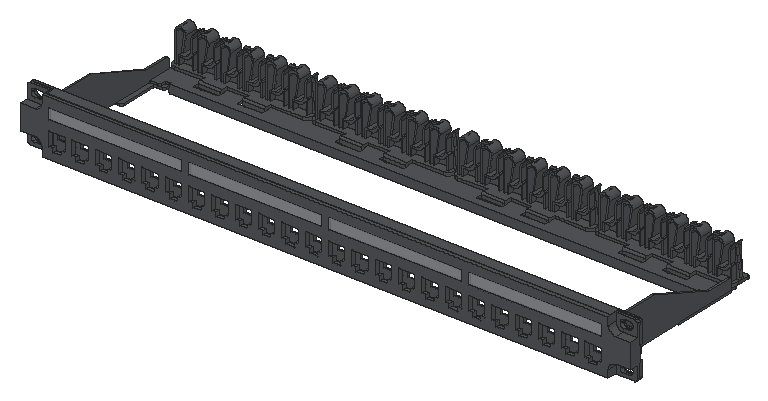
Revit family "Patch panel", category Equipement spécialisé, Revit 2020 (continued)
Dimensions and locks
  locked: plane 96 to plane 95 at 13
  locked: plane 100 to plane 95 at 3.1
  locked: plane 96 to plane 98 at 3.1
  locked: plane 102 to plane 101 at 13
  locked: plane 106 to plane 101 at 3.1
  locked: plane 102 to plane 104 at 3.1
  locked: plane 108 to plane 107 at 13
  locked: plane 112 to plane 107 at 3.1
  locked: plane 108 to plane 110 at 3.1
  locked: plane 114 to plane 113 at 13
  locked: plane 118 to plane 113 at 3.1
  locked: plane 114 to plane 116 at 3.1
  locked: plane 119 to plane 120 at 13
  locked: plane 119 to plane 124 at 3.1
  locked: plane 122 to plane 120 at 3.1
  locked: plane 125 to plane 126 at 13
  locked: plane 125 to plane 130 at 3.1
  locked: plane 128 to plane 126 at 3.1
  locked: plane 131 to plane 132 at 13
  locked: plane 131 to plane 136 at 3.1
  locked: plane 134 to plane 132 at 3.1
  locked: plane 137 to plane 138 at 13
  locked: plane 137 to plane 142 at 3.1
  locked: plane 140 to plane 138 at 3.1
  locked: plane 143 to plane 144 at 13
  locked: plane 143 to plane 148 at 3.1
  locked: plane 146 to plane 144 at 3.1
  locked: plane 149 to plane 150 at 13
  locked: plane 149 to plane 154 at 3.1
  locked: plane 152 to plane 150 at 3.1
  locked: plane 155 to plane 156 at 13
  locked: plane 155 to plane 160 at 3.1
  locked: plane 158 to plane 156 at 3.1
  locked: plane 161 to plane 162 at 13
  locked: plane 161 to plane 166 at 3.1
  locked: plane 164 to plane 162 at 3.1
  locked: plane 167 to plane 168 at 13
  locked: plane 167 to plane 172 at 3.1
  locked: plane 170 to plane 168 at 3.1
  locked: plane 173 to plane 174 at 13
  locked: plane 173 to plane 178 at 3.1
  locked: plane 176 to plane 174 at 3.1
  locked: plane 179 to plane 180 at 13
  locked: plane 179 to plane 184 at 3.1
  locked: plane 182 to plane 180 at 3.1
  locked: plane 185 to plane 186 at 13
  locked: plane 185 to plane 190 at 3.1
  locked: plane 188 to plane 186 at 3.1
  plane 193 to cut or joined group 1 (Extrusion 31, Extrusion 32, Extrusion 33, Extrusion 34, Extrusion 35, Extrusion 36, Extrusion 37, Extrusion 38, Extrusion 39, Extrusion 40, Extrusion 41, Extrusion 42, Extrusion 43, Extrusion 44, Extrusion 45, Extrusion 46, Extrusion 47, Extrusion 48, Extrusion 49, Extrusion 50, Extrusion 51, Extrusion 52, Extrusion 53, Extrusion 54, Extrusion 55, Extrusion 56, Extrusion 57, Extrusion 58, Extrusion 59, Extrusion 60, Extrusion 61, Extrusion 62) = 27.7 mm
  plane 194 to plane 193 = 8.85 mm
  plane 198 to plane 197 = 8.85 mm
  plane 201 to plane 202 = 8.85 mm
  plane 205 to plane 206 = 8.85 mm
  locked: plane 208 to plane 1 "Centre (avant/arrière)" at 21.2
  plane 210 to plane 1 "Centre (avant/arrière)" = 110.8 mm
  plane 209 to level = 8.1 mm
  plane 211 to level = 1.7 mm
  level to plane 207 = 38.7 mm
  plane 212 to level = 17.7 mm
  plane 214 to plane 1 "Centre (avant/arrière)" = 35.2 mm
  plane 210 to plane 213 = 21 mm
  locked: plane 1 "Centre (avant/arrière)" to plane 215 at 59.26
  plane 216 to plane 215 = 32.5 mm
  plane 217 to plane 216 = 26.54 mm
  plane 3 to plane 218 = 6 mm
  plane 218 to plane 219 = 7.925 mm
  plane 223 to plane 226 = 21 mm
  plane 229 to plane 228 = 32.5 mm
  plane 230 to plane 229 = 26.54 mm
  plane 232 to plane 231 = 7.925 mm
  plane 1 "Centre (avant/arrière)" to plane 233 = 91.8 mm
  plane 233 to plane 234 = 26.5 mm
  locked: plane 3 to plane 235 at 1.75
  locked: plane 8 to plane 236 at 1.75
  plane 233 to plane 237 = 5.5 mm
  plane 235 to plane 238 = 8.475 mm
  plane 236 to plane 239 = 8.475 mm
  plane 3 to plane 240 = 14.225 mm
  plane 241 to plane 8 = 14.225 mm
  level to plane 242 = 3.2 mm
  locked: plane 243 to plane 14 at 28.868
  cut or joined group 2 (Extrusion 67, Extrusion 68, Extrusion 69, Extrusion 70, Extrusion 71, Extrusion 72, Extrusion 73, Extrusion 74, Extrusion 75, Extrusion 76, Extrusion 77, Extrusion 78, Extrusion 79, Extrusion 80, Extrusion 81, Extrusion 82, Extrusion 83, Extrusion 84, Extrusion 85, Extrusion 86, Extrusion 87, Extrusion 88, Extrusion 89, Extrusion 90, Extrusion 91, Extrusion 92, Extrusion 93, Extrusion 94, Extrusion 95, Extrusion 96) to plane 245 = 10 mm
  plane 245 to plane 244 = 6 mm
  Extrusion 69 sketch curve to plane 246 = 34.63 mm
  plane 248 to plane 247 = 6 mm
  Extrusion 70 sketch curve to plane 249 = 34.63 mm
  plane 250 to plane 251 = 6 mm
  Extrusion 71 sketch curve to plane 252 = 34.63 mm
  plane 253 to plane 254 = 6 mm
  Extrusion 72 sketch curve to plane 255 = 34.63 mm
  plane 259 to plane 256 = 2 mm
  plane 258 to plane 257 = 3 mm
  plane 257 to cut or joined group 2 = 6 mm
  plane 264 to plane 261 = 2 mm
  plane 263 to plane 262 = 3 mm
  plane 269 to plane 266 = 2 mm
  plane 268 to plane 267 = 3 mm
  plane 274 to plane 271 = 2 mm
  plane 273 to plane 272 = 3 mm
  plane 279 to plane 276 = 2 mm
  plane 278 to plane 277 = 3 mm
  plane 284 to plane 281 = 2 mm
  plane 283 to plane 282 = 3 mm
  plane 289 to plane 286 = 2 mm
  plane 288 to plane 287 = 3 mm
  plane 294 to plane 291 = 2 mm
  plane 293 to plane 292 = 3 mm
  plane 299 to plane 296 = 2 mm
  plane 298 to plane 297 = 3 mm
  plane 304 to plane 301 = 2 mm
  plane 303 to plane 302 = 3 mm
  plane 309 to plane 306 = 2 mm
  plane 308 to plane 307 = 3 mm
  plane 314 to plane 311 = 2 mm
  plane 313 to plane 312 = 3 mm
  plane 319 to plane 316 = 2 mm
  plane 317 to plane 318 = 3 mm
  plane 324 to plane 321 = 2 mm
  plane 322 to plane 323 = 3 mm
  plane 329 to plane 326 = 2 mm
  plane 327 to plane 328 = 3 mm
  plane 334 to plane 331 = 2 mm
  plane 332 to plane 333 = 3 mm
  plane 339 to plane 336 = 2 mm
  plane 337 to plane 338 = 3 mm
  plane 344 to plane 341 = 2 mm
  plane 342 to plane 343 = 3 mm
  plane 349 to plane 346 = 2 mm
  plane 347 to plane 348 = 3 mm
  plane 354 to plane 351 = 2 mm
  plane 352 to plane 353 = 3 mm
  plane 359 to plane 356 = 2 mm
  plane 357 to plane 358 = 3 mm
  plane 364 to plane 361 = 2 mm
  plane 362 to plane 363 = 3 mm
  plane 369 to plane 366 = 2 mm
  plane 367 to plane 368 = 3 mm
  plane 374 to plane 371 = 2 mm
  plane 372 to plane 373 = 3 mm
  locked: plane 3 to plane 378 at 0.4
  plane 378 to plane 379 = 111 mm
  locked: plane 376 to plane 1 "Centre (avant/arrière)" at 112.3
  locked: plane 377 to plane 376 at 16.5
  locked: Extrusion 97 to plane 380 at 28.5
  cut or joined group 2 to Extrusion 98 sketch curve = 2 mm
  Extrusion 98 sketch curve to Extrusion 98 sketch curve = 4 mm
  equal spacing: cut or joined group 2, plane 381, cut or joined group 2
  Extrusion 99 sketch curve to Extrusion 99 sketch curve = 4 mm
  locked: Extrusion 97 to plane 382 at 5
  Extrusion 97 to plane 383 = 5.5 mm
  plane 385 to plane 384 = 1.25 mm
  cut or joined group 3 (Extrusion 97, Extrusion 98, Extrusion 99, Extrusion 100, Extrusion 101, Extrusion 102, Extrusion 103, Extrusion 104, Extrusion 105, Extrusion 106, Extrusion 107, Extrusion 108, Extrusion 109, Extrusion 110, Extrusion 111, Extrusion 117, Extrusion 119, Extrusion 120, Extrusion 121, Extrusion 122, Extrusion 128, Extrusion 131) to plane 389 = 0.5 mm
  plane 390 to cut or joined group 3 = 2.5 mm
  equal spacing: cut or joined group 2, plane 391, cut or joined group 2
  plane 394 to plane 393 = 1.25 mm
  locked: plane 399 to plane 1 "Centre (avant/arrière)" at 125.765
  plane 400 to Extrusion 106 sketch curve = 2.34 mm
  cut or joined group 3 to plane 401 = 23 mm
  plane 402 to plane 400 = 17.5 mm
  cut or joined group 3 to plane 403 = 25 mm
  plane 402 to plane 404 = 1.2 mm
  plane 405 to plane 400 = 5.3 mm
  cut or joined group 3 to plane 406 = 7 mm
  plane 408 to cut or joined group 1 = 3 mm
  plane 409 to plane 405 = 1.2 mm
  plane 402 to plane 411 = 1.2 mm
  plane 413 to Extrusion 107 sketch curve = 2.34 mm
  plane 415 to plane 413 = 17.5 mm
  plane 415 to plane 417 = 1.2 mm
  plane 418 to plane 413 = 5.3 mm
  plane 422 to plane 418 = 1.2 mm
  plane 415 to plane 424 = 1.2 mm
  plane 426 to Extrusion 108 sketch curve = 2.34 mm
  plane 428 to plane 426 = 17.5 mm
  plane 428 to plane 430 = 1.2 mm
  plane 431 to plane 426 = 5.3 mm
  plane 435 to plane 431 = 1.2 mm
  plane 428 to plane 437 = 1.2 mm
  plane 439 to Extrusion 109 sketch curve = 2.34 mm
  plane 441 to plane 439 = 17.5 mm
  plane 441 to plane 443 = 1.2 mm
  plane 444 to plane 439 = 5.3 mm
  plane 448 to plane 444 = 1.2 mm
  plane 441 to plane 450 = 1.2 mm
  plane 452 to Extrusion 110 sketch curve = 2.34 mm
  plane 454 to plane 452 = 17.5 mm
  plane 454 to plane 456 = 1.2 mm
  plane 457 to plane 452 = 5.3 mm
  plane 461 to plane 457 = 1.2 mm
  plane 454 to plane 463 = 1.2 mm
  plane 465 to Extrusion 111 sketch curve = 2.34 mm
  plane 467 to plane 465 = 17.5 mm
  plane 467 to plane 469 = 1.2 mm
  plane 470 to plane 465 = 5.3 mm
  plane 474 to plane 470 = 1.2 mm
  plane 467 to plane 476 = 1.2 mm
  equal spacing: Extrusion 106, plane 478, plane 399
  plane 487 to plane 488 = 111 mm
  locked: plane 486 to plane 485 at 16.5
  Extrusion 124 sketch curve to Extrusion 124 sketch curve = 4 mm
  Extrusion 125 sketch curve to Extrusion 125 sketch curve = 4 mm
  Extrusion 123 to plane 489 = 5.5 mm
  plane 491 to plane 490 = 1.25 mm
  plane 499 to plane 498 = 1.25 mm
  plane 504 to Extrusion 132 sketch curve = 2.34 mm
  plane 506 to plane 504 = 17.5 mm
  plane 506 to plane 508 = 1.2 mm
  plane 509 to plane 504 = 5.3 mm
  plane 513 to plane 509 = 1.2 mm
  plane 506 to plane 515 = 1.2 mm
  plane 517 to Extrusion 133 sketch curve = 2.34 mm
  plane 519 to plane 517 = 17.5 mm
  plane 519 to plane 521 = 1.2 mm
  plane 522 to plane 517 = 5.3 mm
  plane 526 to plane 522 = 1.2 mm
  plane 519 to plane 528 = 1.2 mm
  plane 530 to Extrusion 134 sketch curve = 2.34 mm
  plane 532 to plane 530 = 17.5 mm
  plane 532 to plane 534 = 1.2 mm
  plane 535 to plane 530 = 5.3 mm
  plane 539 to plane 535 = 1.2 mm
  plane 532 to plane 541 = 1.2 mm
  plane 543 to Extrusion 135 sketch curve = 2.34 mm
  plane 545 to plane 543 = 17.5 mm
  plane 545 to plane 547 = 1.2 mm
  plane 548 to plane 543 = 5.3 mm
  plane 552 to plane 548 = 1.2 mm
  plane 545 to plane 554 = 1.2 mm
  plane 556 to Extrusion 136 sketch curve = 2.34 mm
  plane 558 to plane 556 = 17.5 mm
  plane 558 to plane 560 = 1.2 mm
  plane 561 to plane 556 = 5.3 mm
  plane 565 to plane 561 = 1.2 mm
  plane 558 to plane 567 = 1.2 mm
  plane 569 to Extrusion 137 sketch curve = 2.34 mm
  plane 571 to plane 569 = 17.5 mm
  plane 571 to plane 573 = 1.2 mm
  plane 574 to plane 569 = 5.3 mm
  plane 578 to plane 574 = 1.2 mm
  plane 571 to plane 580 = 1.2 mm
  plane 590 to plane 591 = 111 mm
  locked: plane 589 to plane 588 at 16.5
  Extrusion 150 sketch curve to Extrusion 150 sketch curve = 4 mm
  Extrusion 151 sketch curve to Extrusion 151 sketch curve = 4 mm
  Extrusion 149 to plane 592 = 5.5 mm
  plane 594 to plane 593 = 1.25 mm
  plane 602 to plane 601 = 1.25 mm
  plane 607 to Extrusion 158 sketch curve = 2.34 mm
  plane 609 to plane 607 = 17.5 mm
  plane 609 to plane 611 = 1.2 mm
  plane 612 to plane 607 = 5.3 mm
  plane 616 to plane 612 = 1.2 mm
  plane 609 to plane 618 = 1.2 mm
  plane 620 to Extrusion 159 sketch curve = 2.34 mm
  plane 622 to plane 620 = 17.5 mm
  plane 622 to plane 624 = 1.2 mm
  plane 625 to plane 620 = 5.3 mm
  plane 629 to plane 625 = 1.2 mm
  plane 622 to plane 631 = 1.2 mm
  plane 633 to Extrusion 160 sketch curve = 2.34 mm
  plane 635 to plane 633 = 17.5 mm
  plane 635 to plane 637 = 1.2 mm
  plane 638 to plane 633 = 5.3 mm
  plane 642 to plane 638 = 1.2 mm
  plane 635 to plane 644 = 1.2 mm
  plane 646 to Extrusion 161 sketch curve = 2.34 mm
  plane 648 to plane 646 = 17.5 mm
  plane 648 to plane 650 = 1.2 mm
  plane 651 to plane 646 = 5.3 mm
  plane 655 to plane 651 = 1.2 mm
  plane 648 to plane 657 = 1.2 mm
  plane 659 to Extrusion 162 sketch curve = 2.34 mm
  plane 661 to plane 659 = 17.5 mm
  plane 661 to plane 663 = 1.2 mm
  plane 664 to plane 659 = 5.3 mm
  plane 668 to plane 664 = 1.2 mm
  plane 661 to plane 670 = 1.2 mm
  plane 672 to Extrusion 163 sketch curve = 2.34 mm
  plane 674 to plane 672 = 17.5 mm
  plane 674 to plane 676 = 1.2 mm
  plane 677 to plane 672 = 5.3 mm
  plane 681 to plane 677 = 1.2 mm
  plane 674 to plane 683 = 1.2 mm
  plane 692 to plane 693 = 111 mm
  locked: plane 691 to plane 690 at 16.5
  Extrusion 176 sketch curve to Extrusion 176 sketch curve = 4 mm
  Extrusion 177 sketch curve to Extrusion 177 sketch curve = 4 mm
  Extrusion 175 to plane 694 = 5.5 mm
  plane 696 to plane 695 = 1.25 mm
  plane 704 to plane 703 = 1.25 mm
  plane 709 to Extrusion 184 sketch curve = 2.34 mm
  plane 711 to plane 709 = 17.5 mm
  plane 711 to plane 713 = 1.2 mm
  plane 714 to plane 709 = 5.3 mm
  plane 718 to plane 714 = 1.2 mm
  plane 711 to plane 720 = 1.2 mm
  plane 722 to Extrusion 185 sketch curve = 2.34 mm
  plane 724 to plane 722 = 17.5 mm
  plane 724 to plane 726 = 1.2 mm
  plane 727 to plane 722 = 5.3 mm
  plane 731 to plane 727 = 1.2 mm
  plane 724 to plane 733 = 1.2 mm
  plane 735 to Extrusion 186 sketch curve = 2.34 mm
  plane 737 to plane 735 = 17.5 mm
  plane 737 to plane 739 = 1.2 mm
  plane 740 to plane 735 = 5.3 mm
  plane 744 to plane 740 = 1.2 mm
  plane 737 to plane 746 = 1.2 mm
  plane 748 to Extrusion 187 sketch curve = 2.34 mm
  plane 750 to plane 748 = 17.5 mm
  plane 750 to plane 752 = 1.2 mm
  plane 753 to plane 748 = 5.3 mm
  plane 757 to plane 753 = 1.2 mm
  plane 750 to plane 759 = 1.2 mm
  plane 761 to Extrusion 188 sketch curve = 2.34 mm
  plane 763 to plane 761 = 17.5 mm
  plane 763 to plane 765 = 1.2 mm
  plane 766 to plane 761 = 5.3 mm
  plane 770 to plane 766 = 1.2 mm
  plane 763 to plane 772 = 1.2 mm
  plane 774 to Extrusion 189 sketch curve = 2.34 mm
  plane 776 to plane 774 = 17.5 mm
  plane 776 to plane 778 = 1.2 mm
  plane 779 to plane 774 = 5.3 mm
  plane 783 to plane 779 = 1.2 mm
  plane 776 to plane 785 = 1.2 mm
  radius of Extrusion 1 sketch curve = 2.5 mm  (x2)
  radius of Extrusion 32 sketch curve = 6 mm  (x2)
  radius of Extrusion 33 sketch curve = 6 mm  (x2)
  aligned and locked: level to plane 2
  aligned and locked: Extrusion 1 sketch curve to plane 5
  aligned and locked: plane 2 to Extrusion 1 sketch curve
  aligned and locked: Extrusion 1 sketch curve to plane 4
  aligned and locked: plane 6 to Extrusion 1
  aligned and locked: plane 7 to Extrusion 1
  aligned and locked: plane 12 to Extrusion 2 sketch curve
  aligned and locked: Extrusion 2 sketch curve to plane 13
  aligned and locked: Extrusion 2 sketch curve to plane 11
  aligned and locked: Extrusion 2 sketch curve to plane 7
  aligned and locked: plane 6 to Extrusion 2
  aligned and locked: Extrusion 2 sketch curve to plane 18
  aligned and locked: Extrusion 2 sketch curve to plane 15
  aligned and locked: plane 17 to Extrusion 2 sketch curve
  aligned and locked: plane 16 to Extrusion 2 sketch curve
  aligned and locked: Extrusion 2 sketch curve to plane 20
  aligned and locked: plane 15 to Extrusion 2 sketch curve
  aligned and locked: plane 19 to Extrusion 2 sketch curve
  aligned and locked: Extrusion 2 sketch curve to plane 16
  aligned and locked: Extrusion 3 sketch curve to plane 21
  aligned and locked: Extrusion 3 sketch curve to plane 23
  aligned and locked: Extrusion 3 sketch curve to plane 22
  aligned and locked: plane 23 to Extrusion 3 sketch curve
  aligned and locked: plane 8 to Extrusion 3
  aligned and locked: Extrusion 4 sketch curve to plane 26
  aligned and locked: Extrusion 4 sketch curve to plane 25
  aligned and locked: Extrusion 4 sketch curve to plane 24
  aligned and locked: plane 28 to Extrusion 4
  aligned and locked: plane 32 to Extrusion 5 sketch curve
  aligned and locked: plane 29 to Extrusion 5 sketch curve
  aligned and locked: Extrusion 5 sketch curve to plane 31
  aligned and locked: Extrusion 5 sketch curve to plane 30
  aligned and locked: plane 34 to Extrusion 5 sketch curve
  aligned and locked: Extrusion 5 sketch curve to plane 29
  aligned and locked: Extrusion 5 sketch curve to plane 33
  aligned and locked: plane 30 to Extrusion 5 sketch curve
  aligned and locked: plane 37 to Extrusion 6 sketch curve
  aligned and locked: Extrusion 6 sketch curve to plane 36
  aligned and locked: Extrusion 6 sketch curve to plane 35
  aligned and locked: Extrusion 7 to plane 6
  aligned and locked: plane 45 to Extrusion 31 sketch curve  (x2)
  aligned and locked: Extrusion 31 sketch curve to plane 7
  aligned and locked: plane 5 to Extrusion 31
  aligned and locked: plane 46 to Extrusion 32
  aligned and locked: Extrusion 34 sketch curve to cut or joined group 1
  aligned and locked: cut or joined group 1 to Extrusion 34 sketch curve
  aligned and locked: plane 6 to Extrusion 34
  aligned and locked: Extrusion 35 sketch curve to plane 49
  aligned and locked: Extrusion 35 sketch curve to plane 47
  aligned and locked: plane 52 to Extrusion 35 sketch curve
  aligned and locked: plane 51 to Extrusion 35 sketch curve
  aligned and locked: plane 50 to Extrusion 35 sketch curve
  aligned and locked: Extrusion 35 sketch curve to plane 48
  aligned and locked: Extrusion 35 to cut or joined group 4 (Extrusion 1, Extrusion 2, Extrusion 3, Extrusion 4, Extrusion 5, Extrusion 6, Extrusion 7, Extrusion 8, Extrusion 9, Extrusion 10, Extrusion 11, Extrusion 12, Extrusion 13, Extrusion 14, Extrusion 15, Extrusion 16, Extrusion 17, Extrusion 18, Extrusion 19, Extrusion 20, Extrusion 21, Extrusion 22, Extrusion 23, Extrusion 24, Extrusion 25, Extrusion 26, Extrusion 27, Extrusion 28, Extrusion 29, Extrusion 30, Extrusion 32)
  aligned and locked: Extrusion 36 sketch curve to plane 55
  aligned and locked: Extrusion 36 sketch curve to plane 53
  aligned and locked: plane 58 to Extrusion 36 sketch curve
  aligned and locked: plane 57 to Extrusion 36 sketch curve
  aligned and locked: plane 56 to Extrusion 36 sketch curve
  aligned and locked: Extrusion 36 sketch curve to plane 54
  aligned and locked: Extrusion 37 sketch curve to plane 61
  aligned and locked: Extrusion 37 sketch curve to plane 59
  aligned and locked: plane 64 to Extrusion 37 sketch curve
  aligned and locked: plane 63 to Extrusion 37 sketch curve
  aligned and locked: plane 62 to Extrusion 37 sketch curve
  aligned and locked: Extrusion 37 sketch curve to plane 60
  aligned and locked: Extrusion 38 sketch curve to plane 67
  aligned and locked: Extrusion 38 sketch curve to plane 65
  aligned and locked: plane 70 to Extrusion 38 sketch curve
  aligned and locked: plane 69 to Extrusion 38 sketch curve
  aligned and locked: plane 68 to Extrusion 38 sketch curve
  aligned and locked: Extrusion 38 sketch curve to plane 66
  aligned and locked: Extrusion 39 sketch curve to plane 73
  aligned and locked: Extrusion 39 sketch curve to plane 71
  aligned and locked: plane 76 to Extrusion 39 sketch curve
  aligned and locked: plane 75 to Extrusion 39 sketch curve
  aligned and locked: plane 74 to Extrusion 39 sketch curve
  aligned and locked: Extrusion 39 sketch curve to plane 72
  aligned and locked: Extrusion 40 sketch curve to plane 79
  aligned and locked: Extrusion 40 sketch curve to plane 77
  aligned and locked: plane 82 to Extrusion 40 sketch curve
  aligned and locked: plane 81 to Extrusion 40 sketch curve
  aligned and locked: plane 80 to Extrusion 40 sketch curve
  aligned and locked: Extrusion 40 sketch curve to plane 78
  aligned and locked: Extrusion 41 sketch curve to plane 85
  aligned and locked: Extrusion 41 sketch curve to plane 83
  aligned and locked: plane 88 to Extrusion 41 sketch curve
  aligned and locked: plane 87 to Extrusion 41 sketch curve
  aligned and locked: plane 86 to Extrusion 41 sketch curve
  aligned and locked: Extrusion 41 sketch curve to plane 84
  aligned and locked: Extrusion 42 sketch curve to plane 91
  aligned and locked: Extrusion 42 sketch curve to plane 89
  aligned and locked: plane 94 to Extrusion 42 sketch curve
  aligned and locked: plane 93 to Extrusion 42 sketch curve
  aligned and locked: plane 92 to Extrusion 42 sketch curve
  aligned and locked: Extrusion 42 sketch curve to plane 90
  aligned and locked: Extrusion 43 sketch curve to plane 97
  aligned and locked: Extrusion 43 sketch curve to plane 95
  aligned and locked: plane 100 to Extrusion 43 sketch curve
  aligned and locked: plane 99 to Extrusion 43 sketch curve
  aligned and locked: plane 98 to Extrusion 43 sketch curve
  aligned and locked: Extrusion 43 sketch curve to plane 96
  aligned and locked: Extrusion 44 sketch curve to plane 103
  aligned and locked: Extrusion 44 sketch curve to plane 101
  aligned and locked: plane 106 to Extrusion 44 sketch curve
  aligned and locked: plane 105 to Extrusion 44 sketch curve
  aligned and locked: plane 104 to Extrusion 44 sketch curve
  aligned and locked: Extrusion 44 sketch curve to plane 102
  aligned and locked: Extrusion 45 sketch curve to plane 109
  aligned and locked: Extrusion 45 sketch curve to plane 107
  aligned and locked: plane 112 to Extrusion 45 sketch curve
  aligned and locked: plane 111 to Extrusion 45 sketch curve
  aligned and locked: plane 110 to Extrusion 45 sketch curve
  aligned and locked: Extrusion 45 sketch curve to plane 108
  aligned and locked: Extrusion 46 sketch curve to plane 115
  aligned and locked: Extrusion 46 sketch curve to plane 113
  aligned and locked: plane 118 to Extrusion 46 sketch curve
  aligned and locked: plane 117 to Extrusion 46 sketch curve
  aligned and locked: plane 116 to Extrusion 46 sketch curve
  aligned and locked: Extrusion 46 sketch curve to plane 114
  aligned and locked: Extrusion 47 sketch curve to plane 121
  aligned and locked: plane 119 to Extrusion 47 sketch curve
  aligned and locked: Extrusion 47 sketch curve to plane 124
  aligned and locked: plane 123 to Extrusion 47 sketch curve
  aligned and locked: Extrusion 47 sketch curve to plane 122
  aligned and locked: plane 120 to Extrusion 47 sketch curve
  aligned and locked: Extrusion 48 sketch curve to plane 127
  aligned and locked: plane 125 to Extrusion 48 sketch curve
  aligned and locked: Extrusion 48 sketch curve to plane 130
  aligned and locked: plane 129 to Extrusion 48 sketch curve
  aligned and locked: Extrusion 48 sketch curve to plane 128
  aligned and locked: plane 126 to Extrusion 48 sketch curve
  aligned and locked: Extrusion 49 sketch curve to plane 133
  aligned and locked: plane 131 to Extrusion 49 sketch curve
  aligned and locked: Extrusion 49 sketch curve to plane 136
  aligned and locked: plane 135 to Extrusion 49 sketch curve
  aligned and locked: Extrusion 49 sketch curve to plane 134
  aligned and locked: plane 132 to Extrusion 49 sketch curve
  aligned and locked: Extrusion 50 sketch curve to plane 139
  aligned and locked: plane 137 to Extrusion 50 sketch curve
  aligned and locked: Extrusion 50 sketch curve to plane 142
  aligned and locked: plane 141 to Extrusion 50 sketch curve
  aligned and locked: Extrusion 50 sketch curve to plane 140
  aligned and locked: plane 138 to Extrusion 50 sketch curve
  aligned and locked: Extrusion 51 sketch curve to plane 145
  aligned and locked: plane 143 to Extrusion 51 sketch curve
  aligned and locked: Extrusion 51 sketch curve to plane 148
  aligned and locked: plane 147 to Extrusion 51 sketch curve
  aligned and locked: Extrusion 51 sketch curve to plane 146
  aligned and locked: plane 144 to Extrusion 51 sketch curve
  aligned and locked: Extrusion 52 sketch curve to plane 151
  aligned and locked: plane 149 to Extrusion 52 sketch curve
  aligned and locked: Extrusion 52 sketch curve to plane 154
  aligned and locked: plane 153 to Extrusion 52 sketch curve
  aligned and locked: Extrusion 52 sketch curve to plane 152
  aligned and locked: plane 150 to Extrusion 52 sketch curve
  aligned and locked: Extrusion 53 sketch curve to plane 157
  aligned and locked: plane 155 to Extrusion 53 sketch curve
  aligned and locked: Extrusion 53 sketch curve to plane 160
  aligned and locked: plane 159 to Extrusion 53 sketch curve
  aligned and locked: Extrusion 53 sketch curve to plane 158
  aligned and locked: plane 156 to Extrusion 53 sketch curve
  aligned and locked: Extrusion 54 sketch curve to plane 163
  aligned and locked: plane 161 to Extrusion 54 sketch curve
  aligned and locked: Extrusion 54 sketch curve to plane 166
  aligned and locked: plane 165 to Extrusion 54 sketch curve
  aligned and locked: Extrusion 54 sketch curve to plane 164
  aligned and locked: plane 162 to Extrusion 54 sketch curve
  aligned and locked: Extrusion 55 sketch curve to plane 169
  aligned and locked: plane 167 to Extrusion 55 sketch curve
  aligned and locked: Extrusion 55 sketch curve to plane 172
  aligned and locked: plane 171 to Extrusion 55 sketch curve
  aligned and locked: Extrusion 55 sketch curve to plane 170
  aligned and locked: plane 168 to Extrusion 55 sketch curve
  aligned and locked: Extrusion 56 sketch curve to plane 175
  aligned and locked: plane 173 to Extrusion 56 sketch curve
  aligned and locked: Extrusion 56 sketch curve to plane 178
  aligned and locked: plane 177 to Extrusion 56 sketch curve
  aligned and locked: Extrusion 56 sketch curve to plane 176
  aligned and locked: plane 174 to Extrusion 56 sketch curve
  aligned and locked: Extrusion 57 sketch curve to plane 181
  aligned and locked: plane 179 to Extrusion 57 sketch curve
  aligned and locked: Extrusion 57 sketch curve to plane 184
  aligned and locked: plane 183 to Extrusion 57 sketch curve
  aligned and locked: Extrusion 57 sketch curve to plane 182
  aligned and locked: plane 180 to Extrusion 57 sketch curve
  aligned and locked: Extrusion 58 sketch curve to plane 187
  aligned and locked: plane 185 to Extrusion 58 sketch curve
  aligned and locked: Extrusion 58 sketch curve to plane 190
  aligned and locked: plane 189 to Extrusion 58 sketch curve
  aligned and locked: Extrusion 58 sketch curve to plane 188
  aligned and locked: plane 186 to Extrusion 58 sketch curve
  aligned and locked: plane 191 to cut or joined group 1
  aligned and locked: plane 192 to cut or joined group 1
  aligned and locked: plane 193 to Extrusion 59 sketch curve
  aligned and locked: Extrusion 59 sketch curve to plane 192
  aligned and locked: Extrusion 59 sketch curve to plane 194
  aligned and locked: plane 191 to Extrusion 59 sketch curve
  aligned and locked: plane 197 to Extrusion 60 sketch curve
  aligned and locked: Extrusion 60 sketch curve to plane 196
  aligned and locked: Extrusion 60 sketch curve to plane 198
  aligned and locked: plane 195 to Extrusion 60 sketch curve
  aligned and locked: Extrusion 61 sketch curve to plane 201
  aligned and locked: Extrusion 61 sketch curve to plane 200
  aligned and locked: plane 202 to Extrusion 61 sketch curve
  aligned and locked: plane 199 to Extrusion 61 sketch curve
  aligned and locked: Extrusion 62 sketch curve to plane 205
  aligned and locked: Extrusion 62 sketch curve to plane 204
  aligned and locked: plane 206 to Extrusion 62 sketch curve
  aligned and locked: plane 203 to Extrusion 62 sketch curve
  aligned and locked: plane 211 to Extrusion 63 sketch curve
  aligned and locked: Extrusion 63 sketch curve to plane 208
  aligned and locked: Extrusion 63 sketch curve to plane 209
  aligned and locked: Extrusion 63 sketch curve to plane 210
  aligned and locked: plane 213 to Extrusion 63 sketch curve
  aligned and locked: Extrusion 63 sketch curve to plane 212
  aligned and locked: Extrusion 63 sketch curve to cut or joined group 4
  aligned and locked: Extrusion 63 sketch curve to plane 207
  aligned and locked: plane 9 to Extrusion 63
  aligned and locked: plane 215 to Extrusion 64 sketch curve
  aligned and locked: plane 3 to Extrusion 64 sketch curve
  aligned and locked: Extrusion 64 sketch curve to Extrusion 63
  aligned and locked: Extrusion 63 to Extrusion 64 sketch curve
  aligned and locked: Extrusion 64 sketch curve to plane 217
  aligned and locked: plane 219 to Extrusion 64 sketch curve
  aligned and locked: plane 216 to Extrusion 64 sketch curve
  aligned and locked: plane 218 to Extrusion 64 sketch curve
  aligned and locked: Extrusion 65 sketch curve to plane 224
  aligned and locked: Extrusion 65 sketch curve to plane 221
  aligned and locked: plane 222 to Extrusion 65 sketch curve
  aligned and locked: Extrusion 65 sketch curve to plane 223
  aligned and locked: plane 226 to Extrusion 65 sketch curve
  aligned and locked: plane 225 to Extrusion 65 sketch curve
  aligned and locked: plane 220 to Extrusion 65 sketch curve
  aligned and locked: plane 228 to Extrusion 66 sketch curve
  aligned and locked: Extrusion 66 sketch curve to Extrusion 65
  aligned and locked: Extrusion 65 to Extrusion 66 sketch curve
  aligned and locked: Extrusion 66 sketch curve to plane 230
  aligned and locked: Extrusion 66 sketch curve to plane 232
  aligned and locked: plane 229 to Extrusion 66 sketch curve
  aligned and locked: Extrusion 66 sketch curve to plane 231
  aligned and locked: plane 9 to Extrusion 67 sketch curve
  aligned and locked: Extrusion 67 sketch curve to plane 234
  aligned and locked: Extrusion 67 sketch curve to plane 233  (x2)
  aligned and locked: Extrusion 67 sketch curve to plane 239
  aligned and locked: plane 238 to Extrusion 67 sketch curve
  aligned and locked: plane 242 to Extrusion 68 sketch curve
  aligned and locked: Extrusion 68 sketch curve to plane 241
  aligned and locked: Extrusion 68 sketch curve to Extrusion 67
  aligned and locked: Extrusion 68 sketch curve to plane 240
  aligned and locked: plane 244 to Extrusion 69 sketch curve
  aligned and locked: Extrusion 69 sketch curve to plane 246
  aligned and locked: plane 245 to Extrusion 69 sketch curve
  aligned and locked: plane 243 to Extrusion 69 sketch curve
  aligned and locked: Extrusion 67 to Extrusion 69
  aligned and locked: plane 247 to Extrusion 70 sketch curve
  aligned and locked: Extrusion 70 sketch curve to plane 249
  aligned and locked: plane 248 to Extrusion 70 sketch curve
  aligned and locked: Extrusion 71 sketch curve to plane 250
  aligned and locked: Extrusion 71 sketch curve to plane 252
  aligned and locked: Extrusion 71 sketch curve to plane 251
  aligned and locked: Extrusion 72 sketch curve to plane 253
  aligned and locked: Extrusion 72 sketch curve to plane 255
  aligned and locked: Extrusion 72 sketch curve to plane 254
  aligned and locked: cut or joined group 2 to Extrusion 73 sketch curve
  aligned and locked: plane 256 to Extrusion 73 sketch curve
  aligned and locked: Extrusion 73 sketch curve to plane 258
  aligned and locked: Extrusion 73 sketch curve to plane 257  (x2)
  aligned and locked: plane 260 to Extrusion 73 sketch curve
  aligned and locked: plane 259 to Extrusion 73 sketch curve
  aligned and locked: plane 261 to Extrusion 74 sketch curve
  aligned and locked: Extrusion 74 sketch curve to plane 263
  aligned and locked: Extrusion 74 sketch curve to plane 262  (x2)
  aligned and locked: plane 265 to Extrusion 74 sketch curve
  aligned and locked: plane 264 to Extrusion 74 sketch curve
  aligned and locked: plane 266 to Extrusion 75 sketch curve
  aligned and locked: Extrusion 75 sketch curve to plane 268
  aligned and locked: Extrusion 75 sketch curve to plane 267  (x2)
  aligned and locked: plane 270 to Extrusion 75 sketch curve
  aligned and locked: plane 269 to Extrusion 75 sketch curve
  aligned and locked: plane 271 to Extrusion 76 sketch curve
  aligned and locked: Extrusion 76 sketch curve to plane 273
  aligned and locked: Extrusion 76 sketch curve to plane 272  (x2)
  aligned and locked: plane 275 to Extrusion 76 sketch curve
  aligned and locked: plane 274 to Extrusion 76 sketch curve
  aligned and locked: plane 276 to Extrusion 77 sketch curve
  aligned and locked: Extrusion 77 sketch curve to plane 278
  aligned and locked: Extrusion 77 sketch curve to plane 277  (x2)
  aligned and locked: plane 280 to Extrusion 77 sketch curve
  aligned and locked: plane 279 to Extrusion 77 sketch curve
  aligned and locked: plane 281 to Extrusion 78 sketch curve
  aligned and locked: Extrusion 78 sketch curve to plane 283
  aligned and locked: Extrusion 78 sketch curve to plane 282  (x2)
  aligned and locked: plane 285 to Extrusion 78 sketch curve
  aligned and locked: plane 284 to Extrusion 78 sketch curve
  aligned and locked: plane 286 to Extrusion 79 sketch curve
  aligned and locked: Extrusion 79 sketch curve to plane 288
  aligned and locked: Extrusion 79 sketch curve to plane 287  (x2)
  aligned and locked: plane 290 to Extrusion 79 sketch curve
  aligned and locked: plane 289 to Extrusion 79 sketch curve
  aligned and locked: plane 291 to Extrusion 80 sketch curve
  aligned and locked: Extrusion 80 sketch curve to plane 293
  aligned and locked: Extrusion 80 sketch curve to plane 292  (x2)
  aligned and locked: plane 295 to Extrusion 80 sketch curve
  aligned and locked: plane 294 to Extrusion 80 sketch curve
  aligned and locked: plane 296 to Extrusion 81 sketch curve
  aligned and locked: Extrusion 81 sketch curve to plane 298
  aligned and locked: Extrusion 81 sketch curve to plane 297  (x2)
  aligned and locked: plane 300 to Extrusion 81 sketch curve
  aligned and locked: plane 299 to Extrusion 81 sketch curve
  aligned and locked: plane 301 to Extrusion 82 sketch curve
  aligned and locked: Extrusion 82 sketch curve to plane 303
  aligned and locked: Extrusion 82 sketch curve to plane 302  (x2)
  aligned and locked: plane 305 to Extrusion 82 sketch curve
  aligned and locked: plane 304 to Extrusion 82 sketch curve
  aligned and locked: plane 306 to Extrusion 83 sketch curve
  aligned and locked: Extrusion 83 sketch curve to plane 308
  aligned and locked: Extrusion 83 sketch curve to plane 307  (x2)
  aligned and locked: plane 310 to Extrusion 83 sketch curve
  aligned and locked: plane 309 to Extrusion 83 sketch curve
  aligned and locked: plane 311 to Extrusion 84 sketch curve
  aligned and locked: Extrusion 84 sketch curve to plane 313
  aligned and locked: Extrusion 84 sketch curve to plane 312  (x2)
  aligned and locked: plane 315 to Extrusion 84 sketch curve
  aligned and locked: plane 314 to Extrusion 84 sketch curve
  aligned and locked: plane 316 to Extrusion 85 sketch curve
  aligned and locked: plane 318 to Extrusion 85 sketch curve
  aligned and locked: plane 317 to Extrusion 85 sketch curve  (x2)
  aligned and locked: plane 320 to Extrusion 85 sketch curve
  aligned and locked: plane 319 to Extrusion 85 sketch curve
  aligned and locked: plane 321 to Extrusion 86 sketch curve
  aligned and locked: plane 323 to Extrusion 86 sketch curve
  aligned and locked: plane 322 to Extrusion 86 sketch curve  (x2)
  aligned and locked: plane 325 to Extrusion 86 sketch curve
  aligned and locked: plane 324 to Extrusion 86 sketch curve
  aligned and locked: plane 326 to Extrusion 87 sketch curve
  aligned and locked: plane 328 to Extrusion 87 sketch curve
  aligned and locked: plane 327 to Extrusion 87 sketch curve  (x2)
  aligned and locked: plane 330 to Extrusion 87 sketch curve
  aligned and locked: plane 329 to Extrusion 87 sketch curve
  aligned and locked: plane 331 to Extrusion 88 sketch curve
  aligned and locked: plane 333 to Extrusion 88 sketch curve
  aligned and locked: plane 332 to Extrusion 88 sketch curve  (x2)
  aligned and locked: plane 335 to Extrusion 88 sketch curve
  aligned and locked: plane 334 to Extrusion 88 sketch curve
  aligned and locked: plane 336 to Extrusion 89 sketch curve
  aligned and locked: plane 338 to Extrusion 89 sketch curve
  aligned and locked: plane 337 to Extrusion 89 sketch curve  (x2)
  aligned and locked: plane 340 to Extrusion 89 sketch curve
  aligned and locked: plane 339 to Extrusion 89 sketch curve
  aligned and locked: plane 341 to Extrusion 90 sketch curve
  aligned and locked: plane 343 to Extrusion 90 sketch curve
  aligned and locked: plane 342 to Extrusion 90 sketch curve  (x2)
  aligned and locked: plane 345 to Extrusion 90 sketch curve
  aligned and locked: plane 344 to Extrusion 90 sketch curve
  aligned and locked: plane 346 to Extrusion 91 sketch curve
  aligned and locked: plane 348 to Extrusion 91 sketch curve
  aligned and locked: plane 347 to Extrusion 91 sketch curve  (x2)
  aligned and locked: plane 350 to Extrusion 91 sketch curve
  aligned and locked: plane 349 to Extrusion 91 sketch curve
  aligned and locked: plane 351 to Extrusion 92 sketch curve
  aligned and locked: plane 353 to Extrusion 92 sketch curve
  aligned and locked: plane 352 to Extrusion 92 sketch curve  (x2)
  aligned and locked: plane 355 to Extrusion 92 sketch curve
  aligned and locked: plane 354 to Extrusion 92 sketch curve
  aligned and locked: plane 356 to Extrusion 93 sketch curve
  aligned and locked: plane 358 to Extrusion 93 sketch curve
  aligned and locked: plane 357 to Extrusion 93 sketch curve  (x2)
  aligned and locked: plane 360 to Extrusion 93 sketch curve
  aligned and locked: plane 359 to Extrusion 93 sketch curve
  aligned and locked: plane 361 to Extrusion 94 sketch curve
  aligned and locked: plane 363 to Extrusion 94 sketch curve
  aligned and locked: plane 362 to Extrusion 94 sketch curve  (x2)
  aligned and locked: plane 365 to Extrusion 94 sketch curve
  aligned and locked: plane 364 to Extrusion 94 sketch curve
  aligned and locked: plane 366 to Extrusion 95 sketch curve
  aligned and locked: plane 368 to Extrusion 95 sketch curve
  aligned and locked: plane 367 to Extrusion 95 sketch curve  (x2)
  aligned and locked: plane 370 to Extrusion 95 sketch curve
  aligned and locked: plane 369 to Extrusion 95 sketch curve
  aligned and locked: plane 371 to Extrusion 96 sketch curve
  aligned and locked: plane 373 to Extrusion 96 sketch curve
  aligned and locked: plane 372 to Extrusion 96 sketch curve  (x2)
  aligned and locked: plane 375 to Extrusion 96 sketch curve
  aligned and locked: plane 374 to Extrusion 96 sketch curve
  aligned and locked: Extrusion 97 sketch curve to plane 376
  aligned and locked: plane 378 to Extrusion 97 sketch curve
  aligned and locked: plane 377 to Extrusion 97 sketch curve
  aligned and locked: Extrusion 97 sketch curve to plane 379
  aligned and locked: cut or joined group 2 to Extrusion 98 sketch curve
  aligned and locked: plane 383 to Extrusion 100 sketch curve
  aligned and locked: plane 385 to Extrusion 97
  aligned and locked: plane 384 to Extrusion 100 sketch curve
  aligned and locked: Extrusion 101 sketch curve to plane 387
  aligned and locked: Extrusion 101 sketch curve to plane 388
  aligned and locked: Extrusion 100 to Extrusion 101 sketch curve  (x2)
  aligned and locked: cut or joined group 3 to Extrusion 102 sketch curve
  aligned and locked: plane 390 to Extrusion 102 sketch curve
  aligned and locked: Extrusion 102 sketch curve to cut or joined group 3
  aligned and locked: Extrusion 102 to Extrusion 100
  aligned and locked: Extrusion 103 sketch curve to plane 392
  aligned and locked: plane 393 to Extrusion 103 sketch curve
  aligned and locked: plane 395 to Extrusion 104 sketch curve
  aligned and locked: Extrusion 104 sketch curve to plane 396
  aligned and locked: Extrusion 103 to Extrusion 104 sketch curve  (x2)
  aligned and locked: Extrusion 105 sketch curve to plane 398
  aligned and locked: Extrusion 105 to Extrusion 103
  aligned and locked: plane 400 to cut or joined group 3
  aligned and locked: plane 401 to Extrusion 106 sketch curve
  aligned and locked: Extrusion 106 sketch curve to plane 404
  aligned and locked: Extrusion 106 sketch curve to plane 410
  aligned and locked: Extrusion 106 sketch curve to plane 409
  aligned and locked: Extrusion 106 sketch curve to plane 405
  aligned and locked: plane 406 to Extrusion 106 sketch curve
  aligned and locked: Extrusion 106 sketch curve to plane 407
  aligned and locked: Extrusion 106 sketch curve to plane 403
  aligned and locked: Extrusion 106 sketch curve to plane 402
  aligned and locked: Extrusion 106 sketch curve to Extrusion 106 sketch curve
  aligned and locked: plane 414 to Extrusion 107 sketch curve
  aligned and locked: Extrusion 107 sketch curve to plane 417
  aligned and locked: Extrusion 107 sketch curve to plane 423
  aligned and locked: Extrusion 107 sketch curve to plane 422
  aligned and locked: Extrusion 107 sketch curve to plane 418
  aligned and locked: plane 419 to Extrusion 107 sketch curve
  aligned and locked: Extrusion 107 sketch curve to plane 420
  aligned and locked: Extrusion 107 sketch curve to plane 416
  aligned and locked: Extrusion 107 sketch curve to plane 415
  aligned and locked: Extrusion 107 sketch curve to Extrusion 107 sketch curve
  aligned and locked: plane 427 to Extrusion 108 sketch curve
  aligned and locked: Extrusion 108 sketch curve to plane 430
  aligned and locked: Extrusion 108 sketch curve to plane 436
  aligned and locked: Extrusion 108 sketch curve to plane 435
  aligned and locked: Extrusion 108 sketch curve to plane 431
  aligned and locked: plane 432 to Extrusion 108 sketch curve
  aligned and locked: Extrusion 108 sketch curve to plane 433
  aligned and locked: Extrusion 108 sketch curve to plane 429
  aligned and locked: Extrusion 108 sketch curve to plane 428
  aligned and locked: Extrusion 108 sketch curve to Extrusion 108 sketch curve
  aligned and locked: plane 440 to Extrusion 109 sketch curve
  aligned and locked: Extrusion 109 sketch curve to plane 443
  aligned and locked: Extrusion 109 sketch curve to plane 449
  aligned and locked: Extrusion 109 sketch curve to plane 448
  aligned and locked: Extrusion 109 sketch curve to plane 444
  aligned and locked: plane 445 to Extrusion 109 sketch curve
  aligned and locked: Extrusion 109 sketch curve to plane 446
  aligned and locked: Extrusion 109 sketch curve to plane 442
  aligned and locked: Extrusion 109 sketch curve to plane 441
  aligned and locked: Extrusion 109 sketch curve to Extrusion 109 sketch curve
  aligned and locked: plane 453 to Extrusion 110 sketch curve
  aligned and locked: Extrusion 110 sketch curve to plane 456
  aligned and locked: Extrusion 110 sketch curve to plane 462
  aligned and locked: Extrusion 110 sketch curve to plane 461
  aligned and locked: Extrusion 110 sketch curve to plane 457
  aligned and locked: plane 458 to Extrusion 110 sketch curve
  aligned and locked: Extrusion 110 sketch curve to plane 459
  aligned and locked: Extrusion 110 sketch curve to plane 455
  aligned and locked: Extrusion 110 sketch curve to plane 454
  aligned and locked: Extrusion 110 sketch curve to Extrusion 110 sketch curve
  aligned and locked: plane 466 to Extrusion 111 sketch curve
  aligned and locked: Extrusion 111 sketch curve to plane 469
  aligned and locked: Extrusion 111 sketch curve to plane 475
  aligned and locked: Extrusion 111 sketch curve to plane 474
  aligned and locked: Extrusion 111 sketch curve to plane 470
  aligned and locked: plane 471 to Extrusion 111 sketch curve
  aligned and locked: Extrusion 111 sketch curve to plane 472
  aligned and locked: Extrusion 111 sketch curve to plane 468
  aligned and locked: Extrusion 111 sketch curve to plane 467
  aligned and locked: Extrusion 111 sketch curve to Extrusion 111 sketch curve
  aligned and locked: cut or joined group 3 to Extrusion 112 sketch curve  (x3)
  aligned and locked: Extrusion 112 sketch curve to Extrusion 106  (x10)
  aligned and locked: Extrusion 106 to Extrusion 112 sketch curve
  aligned and locked: Extrusion 108 to Extrusion 114 sketch curve
  aligned and locked: Extrusion 115 to Extrusion 109
  aligned and locked: Extrusion 110 to Extrusion 116 sketch curve
  aligned and locked: Extrusion 117 to Extrusion 111
  aligned and locked: Extrusion 112 sketch curve to cut or joined group 3
  aligned and locked: plane 479 to Extrusion 106
  aligned and locked: plane 479 to Extrusion 118 sketch curve
  aligned and locked: plane 480 to Extrusion 119 sketch curve
  aligned and locked: plane 481 to Extrusion 120 sketch curve
  aligned and locked: plane 482 to Extrusion 121 sketch curve
  aligned and locked: plane 483 to Extrusion 122 sketch curve
  aligned and locked: Extrusion 123 sketch curve to plane 485
  aligned and locked: plane 487 to Extrusion 123 sketch curve
  aligned and locked: plane 486 to Extrusion 123 sketch curve
  aligned and locked: Extrusion 123 sketch curve to plane 488
  aligned and locked: plane 489 to Extrusion 126 sketch curve
  aligned and locked: plane 491 to Extrusion 123
  aligned and locked: plane 490 to Extrusion 126 sketch curve
  aligned and locked: Extrusion 127 sketch curve to plane 493
  aligned and locked: Extrusion 127 sketch curve to plane 494
  aligned and locked: Extrusion 126 to Extrusion 127 sketch curve  (x2)
  aligned and locked: plane 496 to Extrusion 128 sketch curve
  aligned and locked: Extrusion 128 to Extrusion 126
  aligned and locked: Extrusion 129 sketch curve to plane 497
  aligned and locked: plane 498 to Extrusion 129 sketch curve
  aligned and locked: plane 500 to Extrusion 130 sketch curve
  aligned and locked: Extrusion 130 sketch curve to plane 501
  aligned and locked: Extrusion 129 to Extrusion 130 sketch curve  (x2)
  aligned and locked: Extrusion 131 sketch curve to plane 503
  aligned and locked: Extrusion 131 to Extrusion 129
  aligned and locked: plane 505 to Extrusion 132 sketch curve
  aligned and locked: Extrusion 132 sketch curve to plane 508
  aligned and locked: Extrusion 132 sketch curve to plane 514
  aligned and locked: Extrusion 132 sketch curve to plane 513
  aligned and locked: Extrusion 132 sketch curve to plane 509
  aligned and locked: plane 510 to Extrusion 132 sketch curve
  aligned and locked: Extrusion 132 sketch curve to plane 511
  aligned and locked: Extrusion 132 sketch curve to plane 507
  aligned and locked: Extrusion 132 sketch curve to plane 506
  aligned and locked: Extrusion 132 sketch curve to Extrusion 132 sketch curve
  aligned and locked: plane 518 to Extrusion 133 sketch curve
  aligned and locked: Extrusion 133 sketch curve to plane 521
  aligned and locked: Extrusion 133 sketch curve to plane 527
  aligned and locked: Extrusion 133 sketch curve to plane 526
  aligned and locked: Extrusion 133 sketch curve to plane 522
  aligned and locked: plane 523 to Extrusion 133 sketch curve
  aligned and locked: Extrusion 133 sketch curve to plane 524
  aligned and locked: Extrusion 133 sketch curve to plane 520
  aligned and locked: Extrusion 133 sketch curve to plane 519
  aligned and locked: Extrusion 133 sketch curve to Extrusion 133 sketch curve
  aligned and locked: plane 531 to Extrusion 134 sketch curve
  aligned and locked: Extrusion 134 sketch curve to plane 534
  aligned and locked: Extrusion 134 sketch curve to plane 540
  aligned and locked: Extrusion 134 sketch curve to plane 539
  aligned and locked: Extrusion 134 sketch curve to plane 535
  aligned and locked: plane 536 to Extrusion 134 sketch curve
  aligned and locked: Extrusion 134 sketch curve to plane 537
  aligned and locked: Extrusion 134 sketch curve to plane 533
  aligned and locked: Extrusion 134 sketch curve to plane 532
  aligned and locked: Extrusion 134 sketch curve to Extrusion 134 sketch curve
  aligned and locked: plane 544 to Extrusion 135 sketch curve
  aligned and locked: Extrusion 135 sketch curve to plane 547
  aligned and locked: Extrusion 135 sketch curve to plane 553
  aligned and locked: Extrusion 135 sketch curve to plane 552
  aligned and locked: Extrusion 135 sketch curve to plane 548
  aligned and locked: plane 549 to Extrusion 135 sketch curve
  aligned and locked: Extrusion 135 sketch curve to plane 550
  aligned and locked: Extrusion 135 sketch curve to plane 546
  aligned and locked: Extrusion 135 sketch curve to plane 545
  aligned and locked: Extrusion 135 sketch curve to Extrusion 135 sketch curve
  aligned and locked: plane 557 to Extrusion 136 sketch curve
  aligned and locked: Extrusion 136 sketch curve to plane 560
  aligned and locked: Extrusion 136 sketch curve to plane 566
  aligned and locked: Extrusion 136 sketch curve to plane 565
  aligned and locked: Extrusion 136 sketch curve to plane 561
  aligned and locked: plane 562 to Extrusion 136 sketch curve
  aligned and locked: Extrusion 136 sketch curve to plane 563
  aligned and locked: Extrusion 136 sketch curve to plane 559
  aligned and locked: Extrusion 136 sketch curve to plane 558
  aligned and locked: Extrusion 136 sketch curve to Extrusion 136 sketch curve
  aligned and locked: plane 570 to Extrusion 137 sketch curve
  aligned and locked: Extrusion 137 sketch curve to plane 573
  aligned and locked: Extrusion 137 sketch curve to plane 579
  aligned and locked: Extrusion 137 sketch curve to plane 578
  aligned and locked: Extrusion 137 sketch curve to plane 574
  aligned and locked: plane 575 to Extrusion 137 sketch curve
  aligned and locked: Extrusion 137 sketch curve to plane 576
  aligned and locked: Extrusion 137 sketch curve to plane 572
  aligned and locked: Extrusion 137 sketch curve to plane 571
  aligned and locked: Extrusion 137 sketch curve to Extrusion 137 sketch curve
  aligned and locked: Extrusion 138 sketch curve to Extrusion 132  (x10)
  aligned and locked: Extrusion 132 to Extrusion 138 sketch curve
  aligned and locked: Extrusion 134 to Extrusion 140 sketch curve
  aligned and locked: Extrusion 141 to Extrusion 135
  aligned and locked: Extrusion 136 to Extrusion 142 sketch curve
  aligned and locked: Extrusion 143 to Extrusion 137
  aligned and locked: plane 582 to Extrusion 132
  aligned and locked: plane 582 to Extrusion 144 sketch curve
  aligned and locked: plane 583 to Extrusion 145 sketch curve
  aligned and locked: plane 584 to Extrusion 146 sketch curve
  aligned and locked: plane 585 to Extrusion 147 sketch curve
  aligned and locked: plane 586 to Extrusion 148 sketch curve
  aligned and locked: Extrusion 149 sketch curve to plane 588
  aligned and locked: plane 590 to Extrusion 149 sketch curve
  aligned and locked: plane 589 to Extrusion 149 sketch curve
  aligned and locked: Extrusion 149 sketch curve to plane 591
  aligned and locked: plane 592 to Extrusion 152 sketch curve
  aligned and locked: plane 594 to Extrusion 149
  aligned and locked: plane 593 to Extrusion 152 sketch curve
  aligned and locked: Extrusion 153 sketch curve to plane 596
  aligned and locked: Extrusion 153 sketch curve to plane 597
  aligned and locked: Extrusion 152 to Extrusion 153 sketch curve  (x2)
  aligned and locked: plane 599 to Extrusion 154 sketch curve
  aligned and locked: Extrusion 154 to Extrusion 152
  aligned and locked: Extrusion 155 sketch curve to plane 600
  aligned and locked: plane 601 to Extrusion 155 sketch curve
  aligned and locked: plane 603 to Extrusion 156 sketch curve
  aligned and locked: Extrusion 156 sketch curve to plane 604
  aligned and locked: Extrusion 155 to Extrusion 156 sketch curve  (x2)
  aligned and locked: Extrusion 157 sketch curve to plane 606
  aligned and locked: Extrusion 157 to Extrusion 155
  aligned and locked: plane 608 to Extrusion 158 sketch curve
  aligned and locked: Extrusion 158 sketch curve to plane 611
  aligned and locked: Extrusion 158 sketch curve to plane 617
  aligned and locked: Extrusion 158 sketch curve to plane 616
  aligned and locked: Extrusion 158 sketch curve to plane 612
  aligned and locked: plane 613 to Extrusion 158 sketch curve
  aligned and locked: Extrusion 158 sketch curve to plane 614
  aligned and locked: Extrusion 158 sketch curve to plane 610
  aligned and locked: Extrusion 158 sketch curve to plane 609
  aligned and locked: Extrusion 158 sketch curve to Extrusion 158 sketch curve
  aligned and locked: plane 621 to Extrusion 159 sketch curve
  aligned and locked: Extrusion 159 sketch curve to plane 624
  aligned and locked: Extrusion 159 sketch curve to plane 630
  aligned and locked: Extrusion 159 sketch curve to plane 629
  aligned and locked: Extrusion 159 sketch curve to plane 625
  aligned and locked: plane 626 to Extrusion 159 sketch curve
  aligned and locked: Extrusion 159 sketch curve to plane 627
  aligned and locked: Extrusion 159 sketch curve to plane 623
  aligned and locked: Extrusion 159 sketch curve to plane 622
  aligned and locked: Extrusion 159 sketch curve to Extrusion 159 sketch curve
  aligned and locked: plane 634 to Extrusion 160 sketch curve
  aligned and locked: Extrusion 160 sketch curve to plane 637
  aligned and locked: Extrusion 160 sketch curve to plane 643
  aligned and locked: Extrusion 160 sketch curve to plane 642
  aligned and locked: Extrusion 160 sketch curve to plane 638
  aligned and locked: plane 639 to Extrusion 160 sketch curve
  aligned and locked: Extrusion 160 sketch curve to plane 640
  aligned and locked: Extrusion 160 sketch curve to plane 636
  aligned and locked: Extrusion 160 sketch curve to plane 635
  aligned and locked: Extrusion 160 sketch curve to Extrusion 160 sketch curve
  aligned and locked: plane 647 to Extrusion 161 sketch curve
